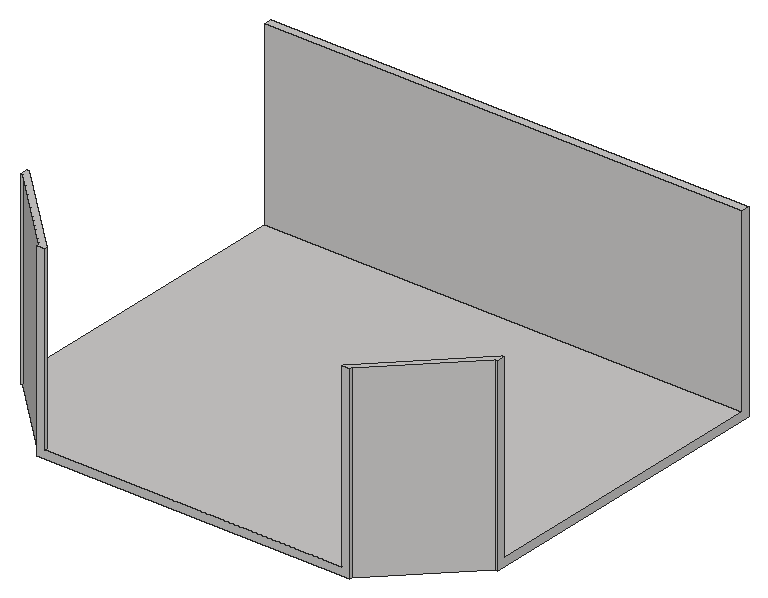
Revit family "Cable_Tray_Fitting-Ventilated_Tray-OBO_Bettermann-Channel_Horizontal_Tee-MKS", category Cable Tray Fittings, Revit 2012
Parameters (values of type "Hot Dipped Galvanised")
  URL = "http://www.obo-bettermann.com/"
  Tray Connector 3 Location [instance] = if(Tray Width 3 > 399.9 mm, (Tray Width 3 / 2) + 255 mm, (Tray Width 3 / 2) + 26.2 mm)  # 76.2 mm
  Tray Connector2 Location [instance] = if(Tray Width 1 > 399.9 mm, (Tray Width 1 / 2) + 255 mm, (Tray Width 1 / 2) + 26.2 mm)  # 76.2 mm
  Tray Connector 1 Location [instance] = if(Tray Width 1 > 399.9 mm, (Tray Width 1 / 2) + 255 mm, (Tray Width 1 / 2) + 26.2 mm)  # 76.2 mm
  Tray Width 3 [instance] = 100 mm
  Tray Width 1 [instance] = 100 mm
  Tray Length [instance] = 0.794 mm
  Tray Height [instance] = 60 mm
  built-in parameter 1140111 [instance] = 2.58 mm
  Small Tray Tee [instance] = not(Large Tray Tee)  # yes
  Radius = 25.4 mm
  Product Page URL = "http://catalog2.obo-bettermann.com/catalogue/catalogue.do?favOid=kts_315277&act=showIO&lang=en&action=start&catId=KTS&forward=showSolutionView"
  Product Documentation Link = ""
  Pre Galvanized = no
  Model = "MKS"
  Manufacturer = "OBO Bettermann"
  Large Tray Tee [instance] = (Tray Width 1 > 399.9 mm)  # no
  Description = "Ventilated Cable Tray"
  Connector Description 3 = "Connector for Cable Tray 3"  # constant formula
  Connector Description 2 = "Connector for Cable Tray 2"  # constant formula
  Connector Description = "Connector for Cable Tray 1"  # constant formula
  Classification = "Refer to nline catalog for UL and cUL classifed sizes and wire sizes."
  Cable Tray Material = Metal - OBO Bettermann - Hot-Dipped-Galvanised
  Assembly Code = "D5030600"
Types (2, lengths in mm): name | Tray Connector 3 Location | Tray Connector2 Location | Tray Connector 1 Location | Tray Width 3 | Tray Width 1 | Cable Tray Material
  Stripped Galvanised | 126.2 | 126.2 | 126.2 | 200 | 200 | Metal - OBO Bettermann - Strip-Galvanised
  Hot Dipped Galvanised | 76.2 | 76.2 | 76.2 | 100 | 100 | Metal - OBO Bettermann - Hot-Dipped-Galvanised
Reference planes
  plane 1 "Center (Front/Back)": y = 0
  plane 2: z = 0
  plane 3 "Center (Left/Right)": x = 0
  plane 4: y = 50
  plane 5: y = -50
  plane 6: z = 30
  plane 7: z = -30
  plane 8: y = -75.4
  plane 9: x = -50
  plane 10: x = 50
  plane 11: x = -75.4
  plane 12: x = 75.4
  plane 13: y = -47.42
  plane 14: y = 47.42
  plane 15: y = -76.194
  plane 16: x = -47.42
  plane 17: x = 47.42
  plane 18: x = -76.194
  plane 19: x = 76.194
  plane 20: z = -27.42
  plane 21 "Tray Connector Left": x = -76.2
  plane 22 "Tray Connector Right": x = 76.2
  plane 23 "Tray Connector Branch": y = -76.2
Lines and regions (mm)
  model lines, style "Coarse View", detail levels coarse
    curve 1: line (-76.194, 0, 0) -> (76.194, 0, 0)
    curve 2: line (0, 0, 0) -> (0, -76.194, 0)
Dimensions and locks
  equal spacing: plane 4, plane 1 "Center (Front/Back)", plane 5
  "Tray Width 1": plane 4 to plane 5
  equal spacing: plane 6, plane 2, plane 7
  "Tray Height": plane 6 to plane 7
  plane 5 to plane 8 = 25.4 mm
  equal spacing: plane 9, plane 3 "Center (Left/Right)", plane 10
  "Tray Width 3": plane 9 to plane 10
  plane 11 to plane 9 = 25.4 mm
  plane 10 to plane 12 = 25.4 mm
  "built-in parameter 1140111": plane 13 to plane 5
  "built-in parameter 1140111": plane 4 to plane 14
  "Tray Length": plane 8 to plane 15
  "built-in parameter 1140111": plane 9 to plane 16
  "built-in parameter 1140111": plane 17 to plane 10
  "Tray Length": plane 18 to plane 11
  "Tray Length": plane 12 to plane 19
  "built-in parameter 1140111": plane 20 to plane 7
  "Tray Connector2 Location": plane 3 "Center (Left/Right)" to plane 22 "Tray Connector Right"
  "Tray Connector 3 Location": plane 23 "Tray Connector Branch" to plane 1 "Center (Front/Back)"
  "Tray Connector 1 Location": plane 21 "Tray Connector Left" to plane 3 "Center (Left/Right)"
  aligned and locked: plane 19 to curve 1
  aligned and locked: plane 18 to curve 1
  aligned and locked: plane 1 "Center (Front/Back)" to curve 1
  aligned and locked: plane 15 to curve 2
  aligned and locked: plane 1 "Center (Front/Back)" to curve 2
  aligned and locked: curve 2 to plane 3 "Center (Left/Right)"
  aligned and locked: plane 4 to nested 1
  aligned and locked: nested 1 to plane 5
  aligned and locked: nested 1 to plane 9
  aligned and locked: plane 10 to nested 1
  aligned and locked: plane 4 to nested 2
  aligned and locked: nested 2 to plane 18
  aligned and locked: plane 19 to nested 2
Nested families
  nested 1: "Cable_Tray_Fitting-Ventilated_Tray-OBO_Bettermann-Channel_Horizontal_Tee_400-600-MKS" at (0, 0, 0), Tray Width 3 <- "Tray Width 1", Tray Width 1 <- "Tray Width 1", Tray Height <- "Tray Height", visible <- "Large Tray Tee", built-in parameter 1140111 <- "built-in parameter 1140111", type "Stripped Galvanised"
    with Tray Width Overall 610 mm, Tray Width 3 100 mm, Tray Width 1 100 mm, Tray Height 60 mm, built-in parameter 1140111 2.58 mm
  nested 2: "Cable_Tray_Fitting-Ventilated_Tray-OBO_Bettermann-Channel_Horizontal_Tee_100-300-MKS" at (0, 0, 0), Tray Width 3 <- "Tray Width 3", Tray Width 1 <- "Tray Width 1", Tray Height <- "Tray Height", built-in parameter 1140111 <- "built-in parameter 1140111", visible <- "Small Tray Tee", type "Stripped Galvanised"
    with Tray Width 3 100 mm, Tray Width 1 100 mm, Tray Length 0.794 mm, Tray Height 60 mm, built-in parameter 1140111 2.58 mm, Radius Label 1 27.98 mm, Radius Label 25.4 mm
Connectors
  cabletrayconduit at (76.2, 0, 0), driven by "Tray Width 1", driven by "Tray Height", driven by "Connector Description 2"
    settings: index 1, connector width 100 mm, connector height 60 mm, connector radius 300 mm, connector angle 0.00°, system type 32, placement type 0, profile type 1, connector reference index -1, is primary connector yes, connector utility param no, connector description "Connector for Cable Tray 2"
  cabletrayconduit at (-76.2, 0, 0), driven by "Tray Height", driven by "Tray Width 1", driven by "Connector Description"
    settings: index 2, connector width 100 mm, connector height 60 mm, connector radius 300 mm, connector angle 0.00°, system type 32, placement type 0, profile type 1, connector reference index -1, is primary connector no, connector utility param no, connector description "Connector for Cable Tray 1"
  cabletrayconduit at (0, -76.2, 0), driven by "Tray Width 3", driven by "Tray Height", driven by "Connector Description 3"
    settings: index 3, connector width 100 mm, connector height 60 mm, connector radius 300 mm, connector angle 0.00°, system type 32, placement type 0, profile type 1, connector reference index -1, is primary connector no, connector utility param no, connector description "Connector for Cable Tray 3"
Definition of nested family "Cable_Tray_Fitting-Ventilated_Tray-OBO_Bettermann-Channel_Horizontal_Tee_400-600-MKS"
  Parameters (values of type "Stripped Galvanised")
    URL = "http://www.obo-bettermann.com/"
    Tray Width Overall [instance] = Tray Width 3 + 510 mm  # 910 mm
    Tray Width 3 [instance] = 400 mm
    Tray Width 1 [instance] = 400 mm
    Tray Height [instance] = 60 mm
    built-in parameter 1140111 [instance] = 2.58 mm
    Radius Label 1 = Radius Label + 2.6 mm  # 152.6 mm
    Radius Label = 150 mm
    Product Page URL = "http://catalog2.obo-bettermann.com/catalogue/catalogue.do?favOid=kts_315277&act=showIO&lang=en&action=start&catId=KTS&forward=showSolutionView"
    Product Documentation Link = ""
    Pre Galvanized = no
    Model = "MKS"
    Manufacturer = "OBO Bettermann"
    Description = "Cable tray"
    Connector Description 3 = "Connector for Cable Tray 3"  # constant formula
    Connector Description 2 = "Connector for Cable Tray 2"  # constant formula
    Connector Description = "Connector for Cable Tray 1"  # constant formula
    Classification = "Refer to nline catalog for UL and cUL classifed sizes and wire sizes."
    Cable Tray Material = Metal - OBO Bettermann - Strip-Galvanised
    Assembly Code = "D5030600"
  Types (2, lengths in mm): name | Tray Width Overall | Tray Width 3 | Tray Width 1 | Cable Tray Material
    Stripped Galvanised | 910 | 400 | 400 | Metal - OBO Bettermann - Strip-Galvanised
    Steel | 610 | 100 | 100 | Metal - OBO Bettermann - Hot-Dipped-Galvanised
  Reference planes
    plane 1 "Center (Front/Back)": y = 0
    plane 2: z = 0
    plane 3 "Center (Left/Right)": x = 0
    plane 4: y = 200
    plane 5: y = -200
    plane 6: z = 30
    plane 7: z = -30
    plane 8: x = -200
    plane 9: x = 200
    plane 10: y = -197.42
    plane 11: y = 197.42
    plane 12: y = -455
    plane 13: x = -197.42
    plane 14: x = 197.42
    plane 15: z = -27.42
    plane 16: x = -455
    plane 17: x = 455
  Forms (mm)
    Extrusion 1, solid, material "Metal - OBO Bettermann - Strip-Galvanised" <- "Cable Tray Material", detail levels fine
      sketch origin (0, 0, 0) x (1, 0, 0) y (0, 1, 0)
        loop
          line (-455, -197.42) -> (-455, -200) -> (-350, -200)
          arc (-350, -200) -> (-243.934, -243.934) -> (-200, -350) r 150
          line (-200, -350) -> (-200, -455) -> (-197.42, -455) -> (-197.42, -347.51)
          arc (-197.42, -347.51) -> (-242.096, -242.096) -> (-347.51, -197.42) r 152.6
          line (-347.51, -197.42) -> (-455, -197.42)
        loop
          line (350, -200) -> (455, -200) -> (455, -197.42) -> (347.51, -197.42)
          arc (347.51, -197.42) -> (242.096, -242.096) -> (197.42, -347.51) r 152.6
          line (197.42, -347.51) -> (197.42, -455) -> (200, -455) -> (200, -350)
          arc (200, -350) -> (243.934, -243.934) -> (350, -200) r 150
        loop
          line (-455, 200) -> (-455, 197.42) -> (455, 197.42) -> (455, 200) -> (-455, 200)
      from -30 to 30
    Extrusion 2, solid, material "Metal - OBO Bettermann - Strip-Galvanised" <- "Cable Tray Material", detail levels fine
      sketch origin (0, 0, 0) x (1, 0, 0) y (0, 1, 0)
        loop
          line (-455, -200) -> (-350, -200)
          arc (-350, -200) -> (-243.934, -243.934) -> (-200, -350) r 150
          line (-200, -350) -> (-200, -455) -> (200, -455) -> (200, -350)
          arc (200, -350) -> (243.934, -243.934) -> (350, -200) r 150
          line (350, -200) -> (455, -200) -> (455, 200) -> (-455, 200) -> (-455, -200)
      from -30 to -27.42
    Extrusion 3, solid, material "Metal - OBO Bettermann - Strip-Galvanised" <- "Cable Tray Material", detail levels medium
      sketch origin (0, 0, 0) x (1, 0, 0) y (0, 1, 0)
        loop
          line (-455, 200) -> (-455, -200) -> (-350, -200)
          arc (-350, -200) -> (-243.934, -243.934) -> (-200, -350) r 150
          line (-200, -350) -> (-200, -455) -> (200, -455) -> (200, -350)
          arc (200, -350) -> (243.934, -243.934) -> (350, -200) r 150
          line (350, -200) -> (455, -200) -> (455, 200) -> (-455, 200)
      from -30 to 30
  Cuts and joins
    joined: Extrusion 1, Extrusion 2
  Lines and regions (mm)
    model lines, style "Coarse View", detail levels coarse
      curve 1: line (-380, 0, 0) -> (350, 0, 0)
      curve 2: line (0, 0, 0) -> (0, -455, 0)
  Dimensions and locks
    equal spacing: plane 4, plane 1 "Center (Front/Back)", plane 5
    "Tray Width 1": plane 4 to plane 5
    equal spacing: plane 6, plane 2, plane 7
    "Tray Height": plane 6 to plane 7
    equal spacing: plane 8, plane 3 "Center (Left/Right)", plane 9  (x2)
    "Tray Width 3": plane 8 to plane 9
    "built-in parameter 1140111": plane 10 to plane 5
    "built-in parameter 1140111": plane 4 to plane 11
    locked: plane 5 to plane 12 at 255
    "built-in parameter 1140111": plane 8 to plane 13
    "built-in parameter 1140111": plane 14 to plane 9
    "built-in parameter 1140111": plane 15 to plane 7
    locked: plane 16 to plane 8 at 255
    locked: plane 9 to plane 17 at 255
    equal spacing: plane 16, plane 3 "Center (Left/Right)", plane 17
    "Radius Label": radius of Extrusion 3 sketch curve  (x2)
    "Radius Label": radius of Extrusion 1 sketch curve  (x2)
    "Radius Label 1": radius of Extrusion 1 sketch curve  (x2)
    "Radius Label": radius of Extrusion 2 sketch curve  (x2)
    aligned and locked: Extrusion 1 sketch curve to plane 10
    aligned and locked: Extrusion 1 sketch curve to plane 5
    aligned and locked: Extrusion 1 sketch curve to plane 8
    aligned and locked: plane 12 to Extrusion 1 sketch curve  (x2)
    aligned and locked: Extrusion 1 sketch curve to plane 13
    aligned and locked: plane 13 to Extrusion 1 sketch curve
    aligned and locked: plane 8 to Extrusion 1 sketch curve
    aligned and locked: Extrusion 1 sketch curve to plane 12  (x2)
    aligned and locked: Extrusion 1 to plane 7
    aligned and locked: plane 6 to Extrusion 1
    aligned and locked: plane 5 to Extrusion 1 sketch curve
    aligned and locked: plane 10 to Extrusion 1 sketch curve
    aligned and locked: Extrusion 1 sketch curve to plane 14
    aligned and locked: Extrusion 1 sketch curve to plane 9
    aligned and locked: plane 9 to Extrusion 1 sketch curve
    aligned and locked: plane 14 to Extrusion 1 sketch curve
    aligned and locked: plane 11 to Extrusion 1 sketch curve
    aligned and locked: Extrusion 1 sketch curve to plane 4
    aligned and locked: Extrusion 2 sketch curve to plane 5
    aligned and locked: Extrusion 2 sketch curve to plane 4
    aligned and locked: plane 4 to Extrusion 2 sketch curve
    aligned and locked: plane 5 to Extrusion 2 sketch curve
    aligned and locked: plane 12 to Extrusion 2 sketch curve
    aligned and locked: plane 9 to Extrusion 2 sketch curve
    aligned and locked: plane 8 to Extrusion 2 sketch curve
    aligned and locked: Extrusion 2 sketch curve to plane 12
    aligned and locked: Extrusion 2 to plane 7
    aligned and locked: plane 15 to Extrusion 2
    aligned and locked: Extrusion 3 sketch curve to plane 5  (x2)
    aligned and locked: plane 4 to Extrusion 3 sketch curve  (x2)
    aligned and locked: plane 5 to Extrusion 3 sketch curve
    aligned and locked: plane 12 to Extrusion 3 sketch curve
    aligned and locked: Extrusion 3 sketch curve to plane 9
    aligned and locked: plane 9 to Extrusion 3 sketch curve
    aligned and locked: plane 8 to Extrusion 3 sketch curve
    aligned and locked: Extrusion 3 sketch curve to plane 12
    aligned and locked: Extrusion 3 to plane 7
    aligned and locked: plane 6 to Extrusion 3
    aligned and locked: plane 1 "Center (Front/Back)" to curve 1
    aligned and locked: plane 12 to curve 2
    aligned and locked: plane 1 "Center (Front/Back)" to curve 2
    aligned and locked: curve 2 to plane 3 "Center (Left/Right)"
    aligned and locked: plane 16 to Extrusion 3
    aligned and locked: plane 16 to cut or joined group of Extrusion 1, Extrusion 2
    aligned and locked: plane 17 to Extrusion 3
    aligned and locked: cut or joined group of Extrusion 1, Extrusion 2 to Extrusion 3
  Automatic sketch dimensions
    Extrusion 1 sketch curve to Extrusion 1 sketch curve = 0 mm  (x4)
    Extrusion 1 sketch curve to Extrusion 1 sketch curve = 105 mm  (x2)
    Extrusion 1 sketch curve to plane 8 = 255 mm
    Extrusion 2 sketch curve to Extrusion 2 sketch curve = 105 mm  (x2)
    Extrusion 3 sketch curve to plane 8 = 255 mm
    plane 9 to Extrusion 1 sketch curve = 255 mm
    plane 9 to Extrusion 3 sketch curve = 255 mm
    curve 1 to plane 16 = 75 mm
    plane 17 to curve 1 = 105 mm
  Connectors
    cabletrayconduit at (-455, 0, 0), driven by "Tray Height", driven by "Tray Width 1", driven by "Connector Description"
      settings: on Extrusion 3, index 1, connector width 400 mm, connector height 60 mm, connector radius 304.8 mm, connector angle 0.00°, system type 32, placement type 0, profile type 1, connector reference index 2, is primary connector yes, connector utility param no, connector description "Connector for Cable Tray 1"
    cabletrayconduit at (455, 0, 0), driven by "Tray Height", driven by "Tray Width 1", driven by "Connector Description 2"
      settings: on Extrusion 3, index 2, connector width 400 mm, connector height 60 mm, connector radius 304.8 mm, connector angle 0.00°, system type 32, placement type 0, profile type 1, connector reference index 1, is primary connector no, connector utility param no, connector description "Connector for Cable Tray 2"
    cabletrayconduit at (0, -455, 0), driven by "Tray Height", driven by "Tray Width 3", driven by "Connector Description 3"
      settings: on Extrusion 3, index 3, connector width 400 mm, connector height 60 mm, connector radius 304.8 mm, connector angle 0.00°, system type 32, placement type 0, profile type 1, connector reference index -1, is primary connector no, connector utility param no, connector description "Connector for Cable Tray 3"
Definition of nested family "Cable_Tray_Fitting-Ventilated_Tray-OBO_Bettermann-Channel_Horizontal_Tee_100-300-MKS"
  Parameters (values of type "Stripped Galvanised")
    URL = "http://www.obo-bettermann.com/"
    Tray Width 3 [instance] = 100 mm
    Tray Width 1 [instance] = 100 mm
    Tray Length [instance] = 0.794 mm
    Tray Height [instance] = 60 mm
    built-in parameter 1140111 [instance] = 2.58 mm
    Radius Label 1 [instance] = Radius Label + [built-in parameter 1140111]  # 27.98 mm
    Radius Label [instance] = Radius  # 25.4 mm
    Radius = 25.4 mm
    Product Page URL = "http://catalog2.obo-bettermann.com/catalogue/catalogue.do?favOid=kts_315277&act=showIO&lang=en&action=start&catId=KTS&forward=showSolutionView"
    Product Documentation Link = ""
    Pre Galvanized = no
    Model = "MKS"
    Manufacturer = "OBO Bettermann"
    Description = "Cable tray"
    Connector Description 3 = "Connector for Cable Tray 3"  # constant formula
    Connector Description 2 = "Connector for Cable Tray 2"  # constant formula
    Connector Description = "Connector for Cable Tray 1"  # constant formula
    Classification = "Refer to nline catalog for UL and cUL classifed sizes and wire sizes."
    Cable Tray Material = Metal - OBO Bettermann - Strip-Galvanised
    Assembly Code = "D5030600"
  Types (2, lengths in mm): name | Cable Tray Material
    Stripped Galvanised | Metal - OBO Bettermann - Strip-Galvanised
    Steel | Metal - OBO Bettermann - Hot-Dipped-Galvanised
  Reference planes
    plane 1 "Center (Front/Back)": y = 0
    plane 2: z = 0
    plane 3 "Center (Left/Right)": x = 0
    plane 4: y = 50
    plane 5: y = -50
    plane 6: z = 30
    plane 7: z = -30
    plane 8: y = -75.4
    plane 9: x = -50
    plane 10: x = 50
    plane 11: x = -75.4
    plane 12: x = 75.4
    plane 13: y = -47.42
    plane 14: y = 47.42
    plane 15: y = -76.194
    plane 16: x = -47.42
    plane 17: x = 47.42
    plane 18: x = -76.194
    plane 19: x = 76.194
    plane 20: z = -27.42
  Forms (mm)
    Extrusion 1, solid, material "Metal - OBO Bettermann - Strip-Galvanised" <- "Cable Tray Material", detail levels fine
      sketch origin (0, 0, 0) x (1, 0, 0) y (0, 1, 0)
        loop
          line (-76.194, -47.42) -> (-76.194, -50) -> (-75.4, -50) -> (-50, -75.4) -> (-50, -76.194) -> (-47.42, -76.194) -> (-47.42, -75.4) -> (-75.4, -47.42) -> (-76.194, -47.42)
        loop
          line (75.4, -50) -> (76.194, -50) -> (76.194, -47.42) -> (75.4, -47.42) -> (47.42, -75.4) -> (47.42, -76.194) -> (50, -76.194) -> (50, -75.4) -> (75.4, -50)
        loop
          line (-76.194, 50) -> (-76.194, 47.42) -> (76.194, 47.42) -> (76.194, 50) -> (-76.194, 50)
      from -30 to 30
    Extrusion 2, solid, material "Metal - OBO Bettermann - Strip-Galvanised" <- "Cable Tray Material", detail levels fine
      sketch origin (0, 0, 0) x (1, 0, 0) y (0, 1, 0)
        loop
          line (-76.194, -50) -> (-75.4, -50) -> (-50, -75.4) -> (-50, -76.194) -> (50, -76.194) -> (50, -75.4) -> (75.4, -50) -> (76.194, -50) -> (76.194, 50) -> (-76.194, 50) -> (-76.194, -50)
      from -30 to -27.42
    Extrusion 3, solid, material "Metal - OBO Bettermann - Strip-Galvanised" <- "Cable Tray Material", detail levels medium
      sketch origin (0, 0, 0) x (1, 0, 0) y (0, 1, 0)
        loop
          line (-76.194, 50) -> (-76.194, -50) -> (-75.4, -50) -> (-50, -75.4) -> (-50, -76.194) -> (50, -76.194) -> (50, -75.4) -> (75.4, -50) -> (76.194, -50) -> (76.194, 50) -> (-76.194, 50)
      from -30 to 30
  Cuts and joins
    joined: Extrusion 1, Extrusion 2
  Lines and regions (mm)
    model lines, style "Coarse View", detail levels coarse
      curve 1: line (-76.194, 0, 0) -> (76.194, 0, 0)
      curve 2: line (0, 0, 0) -> (0, -76.194, 0)
  Dimensions and locks
    equal spacing: plane 4, plane 1 "Center (Front/Back)", plane 5
    "Tray Width 1": plane 4 to plane 5
    equal spacing: plane 6, plane 2, plane 7
    "Tray Height": plane 6 to plane 7
    "Radius Label": plane 5 to plane 8
    equal spacing: plane 9, plane 3 "Center (Left/Right)", plane 10
    "Tray Width 3": plane 9 to plane 10
    "Radius Label": plane 11 to plane 9
    "Radius Label": plane 10 to plane 12
    "built-in parameter 1140111": plane 13 to plane 5
    "built-in parameter 1140111": plane 4 to plane 14
    "Tray Length": plane 8 to plane 15
    "built-in parameter 1140111": plane 9 to plane 16
    "built-in parameter 1140111": plane 17 to plane 10
    "Tray Length": plane 18 to plane 11
    "Tray Length": plane 12 to plane 19
    "built-in parameter 1140111": plane 20 to plane 7
    aligned and locked: plane 11 to Extrusion 1 sketch curve  (x2)
    aligned and locked: Extrusion 1 sketch curve to plane 13
    aligned and locked: plane 18 to Extrusion 1 sketch curve  (x2)
    aligned and locked: Extrusion 1 sketch curve to plane 5
    aligned and locked: plane 8 to Extrusion 1 sketch curve  (x4)
    aligned and locked: Extrusion 1 sketch curve to plane 9
    aligned and locked: plane 15 to Extrusion 1 sketch curve  (x2)
    aligned and locked: Extrusion 1 sketch curve to plane 16
    aligned and locked: plane 16 to Extrusion 1 sketch curve
    aligned and locked: plane 9 to Extrusion 1 sketch curve
    aligned and locked: Extrusion 1 sketch curve to plane 15  (x2)
    aligned and locked: Extrusion 1 sketch curve to plane 18
    aligned and locked: Extrusion 1 to plane 7
    aligned and locked: plane 6 to Extrusion 1
    aligned and locked: plane 12 to Extrusion 1 sketch curve  (x2)
    aligned and locked: plane 19 to Extrusion 1 sketch curve
    aligned and locked: plane 5 to Extrusion 1 sketch curve
    aligned and locked: plane 13 to Extrusion 1 sketch curve
    aligned and locked: Extrusion 1 sketch curve to plane 19  (x2)
    aligned and locked: Extrusion 1 sketch curve to plane 17
    aligned and locked: Extrusion 1 sketch curve to plane 10
    aligned and locked: plane 10 to Extrusion 1 sketch curve
    aligned and locked: plane 17 to Extrusion 1 sketch curve
    aligned and locked: plane 14 to Extrusion 1 sketch curve
    aligned and locked: Extrusion 1 sketch curve to plane 4
    aligned and locked: plane 18 to Extrusion 2 sketch curve
    aligned and locked: plane 11 to Extrusion 2 sketch curve
    aligned and locked: Extrusion 2 sketch curve to plane 5
    aligned and locked: Extrusion 2 sketch curve to plane 18
    aligned and locked: plane 19 to Extrusion 2 sketch curve  (x2)
    aligned and locked: Extrusion 2 sketch curve to plane 4
    aligned and locked: plane 4 to Extrusion 2 sketch curve
    aligned and locked: plane 5 to Extrusion 2 sketch curve
    aligned and locked: plane 12 to Extrusion 2 sketch curve
    aligned and locked: plane 15 to Extrusion 2 sketch curve
    aligned and locked: plane 8 to Extrusion 2 sketch curve
    aligned and locked: plane 10 to Extrusion 2 sketch curve
    aligned and locked: plane 9 to Extrusion 2 sketch curve
    aligned and locked: Extrusion 2 sketch curve to plane 15
    aligned and locked: Extrusion 2 to plane 7
    aligned and locked: plane 20 to Extrusion 2
    aligned and locked: plane 18 to Extrusion 3 sketch curve
    aligned and locked: plane 11 to Extrusion 3 sketch curve
    aligned and locked: Extrusion 3 sketch curve to plane 5  (x2)
    aligned and locked: plane 4 to Extrusion 3 sketch curve  (x2)
    aligned and locked: Extrusion 3 sketch curve to plane 18
    aligned and locked: plane 5 to Extrusion 3 sketch curve
    aligned and locked: Extrusion 3 sketch curve to plane 19
    aligned and locked: plane 12 to Extrusion 3 sketch curve
    aligned and locked: plane 19 to Extrusion 3 sketch curve
    aligned and locked: plane 15 to Extrusion 3 sketch curve
    aligned and locked: Extrusion 3 sketch curve to plane 10
    aligned and locked: plane 8 to Extrusion 3 sketch curve
    aligned and locked: plane 10 to Extrusion 3 sketch curve
    aligned and locked: plane 9 to Extrusion 3 sketch curve
    aligned and locked: Extrusion 3 sketch curve to plane 15
    aligned and locked: Extrusion 3 to plane 7
    aligned and locked: plane 6 to Extrusion 3
    aligned and locked: plane 19 to curve 1
    aligned and locked: plane 18 to curve 1
    aligned and locked: plane 1 "Center (Front/Back)" to curve 1
    aligned and locked: plane 15 to curve 2
    aligned and locked: plane 1 "Center (Front/Back)" to curve 2
    aligned and locked: curve 2 to plane 3 "Center (Left/Right)"
  Automatic sketch dimensions
    Extrusion 2 sketch curve to plane 8 = 0 mm
    Extrusion 3 sketch curve to plane 8 = 0 mm
  Connectors
    cabletrayconduit at (-76.194, 0, 0), driven by "Tray Height", driven by "Tray Width 1", driven by "Connector Description"
      settings: on Extrusion 3, index 1, connector width 100 mm, connector height 60 mm, connector radius 304.8 mm, connector angle 0.00°, system type 32, placement type 0, profile type 1, connector reference index 2, is primary connector yes, connector utility param no, connector description "Connector for Cable Tray 1"
    cabletrayconduit at (76.194, 0, 0), driven by "Tray Height", driven by "Tray Width 1", driven by "Connector Description 2"
      settings: on Extrusion 3, index 2, connector width 100 mm, connector height 60 mm, connector radius 304.8 mm, connector angle 0.00°, system type 32, placement type 0, profile type 1, connector reference index 1, is primary connector no, connector utility param no, connector description "Connector for Cable Tray 2"
    cabletrayconduit at (0, -76.194, 0), driven by "Tray Height", driven by "Tray Width 3", driven by "Connector Description 3"
      settings: on Extrusion 3, index 3, connector width 100 mm, connector height 60 mm, connector radius 304.8 mm, connector angle 0.00°, system type 32, placement type 0, profile type 1, connector reference index -1, is primary connector no, connector utility param no, connector description "Connector for Cable Tray 3"
